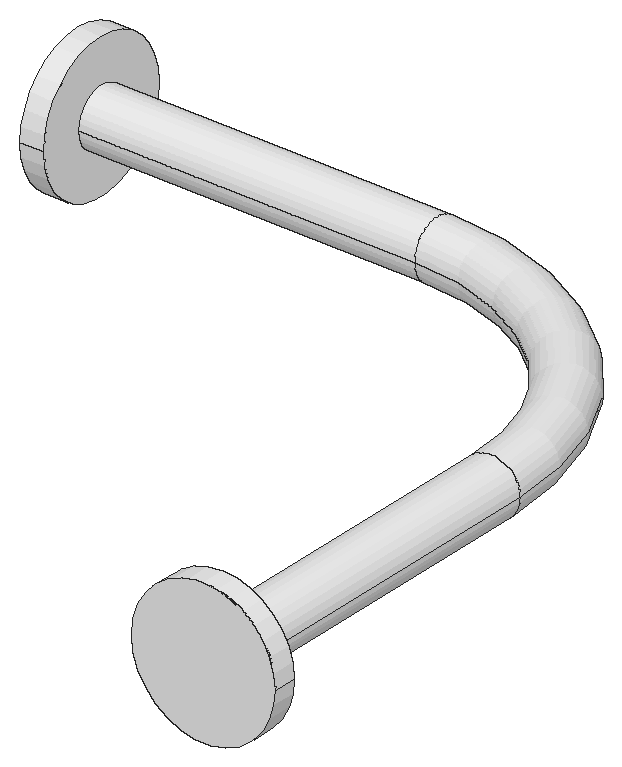
Revit family "Barra_Apoio_L", category Plumbing Fixtures, Revit 2020
Family settings
  Round Connector Dimension = Use Diameter
  Part Type = Normal
  OmniClass Number = 23.45.00.00
  OmniClass Title = Sanitary, Laundry, and Cleaning Equipment
  Work Plane-Based = No
  Always vertical = Yes
  Cut with Voids When Loaded = No
  Shared = No
  Room Calculation Point = No
Parameters (values of type "Barra_L35")
  Material_Barrra = CT_Cromados
  Default Elevation = 0.000 m
  Barra_Raio [instance] = 0.150 m
  Barra_Comprimento = 0.350 m
  Barra_Altura [instance] = 0.700 m
Reference planes (m)
  plane 1 "Center (Front/Back)": y = 0
  plane 2: z = 0
  plane 3 "Center (Left/Right)": x = 0
  plane 4 "Altura": z = 0.7
  plane 5: x = 0.35
  plane 6: y = 0.35
Forms (m)
  Sweep 1, solid, material "CT_Cromados" <- "Material_Barrra"
    path origin (0, 0, 0.7) x (1, 0, 0) y (0, 1, 0)
      loop
        line (0.35, 0) -> (0.35, 0.2)
        arc (0.35, 0.2) -> (0.306066, 0.306066) -> (0.2, 0.35) r 0.15
        line (0.2, 0.35) -> (0, 0.35)
    profile origin (0.35, 0.1, 0.7) x (-1, 0, 0) y (0, 0, 1)
      loop
        circle (0, 0) r 0.015971
  Extrusion 2, solid, material "CT_Cromados" <- "Material_Barrra"
    sketch origin (0, 1.315552, 0.600377) x (0, 1, 0) y (0, 0, -1)
      loop
        circle (-0.965552, -0.099623) r 0.04
    from 0 to -0.013
  Extrusion 3, solid, material "CT_Cromados" <- "Material_Barrra"
    sketch origin (1.315552, 0, 0.600377) x (1, 0, 0) y (0, 0, 1)
      loop
        circle (-0.965552, 0.099623) r 0.04
    from 0 to -0.013
Cuts and joins
  joined: Sweep 1, Extrusion 2, Extrusion 3
Dimensions and locks (m)
  "Barra_Altura": level to plane 4 "Altura"
  "Barra_Comprimento": plane 6 to plane 1 "Center (Front/Back)"
  "Barra_Comprimento": plane 3 "Center (Left/Right)" to plane 5
  "Barra_Raio": radius of Sweep 1 sketch curve
  aligned and locked: level to plane 2
  aligned and locked: Extrusion 2 to plane 3 "Center (Left/Right)"
  aligned and locked: plane 6 to Sweep 1 sketch curve
  aligned and locked: plane 5 to Sweep 1 sketch curve
  aligned and locked: plane 1 "Center (Front/Back)" to Extrusion 3
  aligned and locked: Sweep 1 to plane 3 "Center (Left/Right)"
Automatic sketch dimensions
  Sweep 1 sketch curve to plane 4 "Altura" = 0.000 m
  Sweep 1 sketch curve to profile plane = 0.000 m
  Extrusion 2 sketch curve to plane 4 "Altura" = 0.000 m
  Extrusion 2 sketch curve to plane 6 = 0.000 m
  Extrusion 3 sketch curve to plane 4 "Altura" = 0.000 m
  Extrusion 3 sketch curve to plane 5 = 0.000 m
  Sweep 1 sketch curve to plane 3 "Center (Left/Right)" = 0.000 m
  plane 1 "Center (Front/Back)" to Sweep 1 sketch curve = 0.000 m
  radius of Sweep 1 sketch curve = 0.015971 m
  radius of Extrusion 2 sketch curve = 0.040 m
  radius of Extrusion 3 sketch curve = 0.040 m
